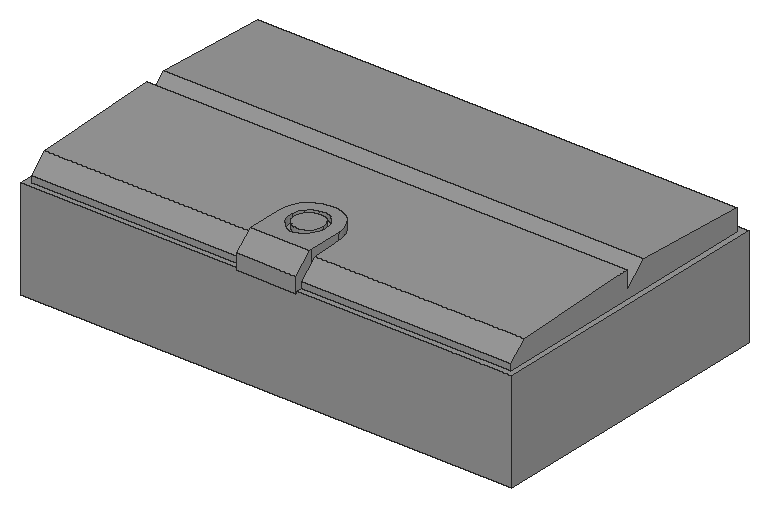
Revit family "ElectricalEquipment_Hager_Design30_TimeDelayedRCCBIncomer_12Way", category Electrical Equipment, host Face, Revit 2015
Parameters (values of type "VM712TGK")
  _DistributedBy = "www.bimstore.co.uk"
  _CurrentRevision = 0
  _CreatedBy = "MajentaSolutions"
  _BimstoreBibleVersion = "V15"  # constant formula
  _BimSpecGuid = 0
  _Author = "MajentaSolutions"
  WarrantyStartDate [instance] = ""
  WarrantyGuarantorParts = "2"
  WarrantyGuarantorLabor = ""
  WarrantyDurationUnit = "Years"
  WarrantyDurationParts = 2
  WarrantyDurationLabor = 0
  WarrantyDescription = "See Manufacturer"
  Voltage = "230V"
  URL = "http://www.hager.co.uk/"
  TypeName = Category  # "ElectricalEquipment"
  Type Comments = Model  # "VM712TGK"
  TagNumber [instance] = ""
  SustainabilityPerformance = ""
  Size = ""
  built-in parameter 1140080 [instance] = "16kA"
  Shape = "Rectangular"
  ServiceLifeDuration = 0
  SerialNumber [instance] = EAN  # "3250610840771"
  ReplacementCost = 0
  NominalWidth = 400 mm
  NominalLength = 240 mm
  NominalHeight = 102.5 mm
  NominalDepth = 0 mm
  Neutral Rating = 1  # 100.00%
  NBSReference = ClassificationValue  # "Pr_80_77_28_16"
  NBSOfficeMasterTag = "n/a"
  NBSObjectName = "Hager_RCCB_VM766TGK"
  NBSNote = ""
  NBSDescription = Category  # "ElectricalEquipment"
  ModelReference = Model  # "VM712TGK"
  ModelNumber = Model  # "VM712TGK"
  ModelLabel = ""
  Model = "VM712TGK"
  built-in parameter 1140079 [instance] = (empty or 0)
  Material = "MildSteel,ABS,AcousticComposite"
  ManufacturerName = "Hager"
  Manufacturer = "Hager"
  Mains Type = "AC"
  Keynote = "V"
  InstallationDate [instance] = ""
  IfcExportType = "ElectricalEquipment"
  IfcExportAs = "ElectricalEquipment"
  Grade = ""
  Finish = ""
  Features = Description  # "Metal_12Way_Split_Load_Config_100A_100mA_TD+_63A_RCCB_EKO"
  ExpectedLife = 10
  EAN = "3250610840771"
  DurationUnit = "Years"
  DocumentationTechnical = "http://www.hager.co.uk/product-catalogue/energy-distribution/consumer-units/design-range-of-consumer-units/design-30/51045.htm"
  DocumentationMaintenance = ""
  DocumentationLiterature = "http://www.hager.co.uk/product-catalogue/energy-distribution/consumer-units/design-range-of-consumer-units/design-30/51045.htm"
  DocumentationInstallationGuide = ""
  DocumentationCertificates = ""
  Description = "Metal_12Way_Split_Load_Config_100A_100mA_TD+_63A_RCCB_EKO"
  Default Elevation = 500 mm
  CreatedOn = "22.06.17"
  CreatedBy = "MajentaSolutions"
  Constituents = ""
  Colour = "RAL9010WhiteGloss"
  CodePerformance = ""
  ClassificationValue = "Pr_80_77_28_16"
  ClassificationName = "Uniclass2015"
  Category = "ElectricalEquipment"
  BarCode [instance] = ""
  BIMObjectName = "Hager_ElectricalEquipment_RCCB_VM766TGK"
  AssetType = "Fixed"
  AssetIdentifier [instance] = ""
  Assembly Code = "D5010"
  AccessibilityPerformance = ""
Types (4, lengths in mm): name | Type Comments | SerialNumber | NBSObjectName | ModelReference | ModelNumber | Model | Features | EAN | Description | BIMObjectName
  VM766TG | "VM766TG" | "5015652600176" | "Hager_RCCB_VM766TG" | "VM766TG" | "VM766TG" | "VM766TG" | "12Way_100A_100mA_TD+_2*63A_RCCB" | "5015652600176" | "12Way_100A_100mA_TD+_2*63A_RCCB" | "Hager_ElectricalEquipment_RCCB_VM766TG"
  VM766TGK | "VM766TGK" | "5015652600183" | "Hager_RCCB_VM766TGK" | "VM766TGK" | "VM766TGK" | "VM766TGK" | "12Way_100A_100mA_TD+_2*63A_RCCB KO" | "5015652600183" | "12Way_100A_100mA_TD+_2*63A_RCCB KO" | "Hager_ElectricalEquipment_RCCB_VM766TGK"
  VM712TG | "VM712TG" | "3250610840764" | "Hager_RCCB_VM766TGK" | "VM712TG" | "VM712TG" | "VM712TG" | "Metal_12Way_Split_Load_Config_100A_100mA_TD+_63A_RCCB" | "3250610840764" | "Metal_12Way_Split_Load_Config_100A_100mA_TD+_63A_RCCB" | "Hager_ElectricalEquipment_RCCB_VM766TGK"
  VM712TGK | "VM712TGK" | "3250610840771" | "Hager_RCCB_VM766TGK" | "VM712TGK" | "VM712TGK" | "VM712TGK" | "Metal_12Way_Split_Load_Config_100A_100mA_TD+_63A_RCCB_EKO" | "3250610840771" | "Metal_12Way_Split_Load_Config_100A_100mA_TD+_63A_RCCB_EKO" | "Hager_ElectricalEquipment_RCCB_VM766TGK"
Reference planes
  plane 1 "Center (Front/Back)": y = 0
  plane 2: z = 0
  plane 3 "Center (Left/Right)": x = 0
  plane 4: x = 200
  plane 5: x = -200
  plane 6: y = -120
  plane 7: y = 120
  plane 8: z = 102.5
  plane 9: y = 115
  plane 10: z = 104.5
  plane 11: z = 81.373
Forms (mm)
  Extrusion 1, solid, material "MildSteel,ABS,AcousticComposite", detail levels medium+fine
    sketch origin (0, 0, 0) x (1, 0, 0) y (0, 1, 0)
      loop
        line (-200, 120) -> (-200, -120) -> (200, -120) -> (200, 120) -> (-200, 120)
    from 0 to 81.373
  Extrusion 2, solid, material "MildSteel,ABS,AcousticComposite", detail levels fine
    sketch origin (-862.476, 5, 1.707) x (0, 1, 0) y (0, 0, 1)
      loop
        line (-120, 79.666) -> (110, 79.666) -> (110, 96.837) -> (14.685, 101.573) -> (-2.56, 85.947) -> (-2.56, 101.642) -> (-105.968, 96.624) -> (-120, 84.457) -> (-120, 79.666)
    from 667.476 to 1057.476
  Extrusion 3, solid
    sketch origin (0, 0, 0) x (0, 1, 0) y (1, 0, 0)
      loop
        circle (2.44, 153.46) r 5
    from 0 to 1
  Extrusion 4, solid
    sketch origin (0, 0, 0) x (0, -1, 0) y (-1, 0, 0)
      loop
        circle (-2.44, 153.46) r 5
    from 0 to 1
  Extrusion 5, solid
    sketch origin (0, 30, 0) x (0, 1, 0) y (1, 0, 0)
      loop
        circle (2.44, 153.46) r 5
    from 0 to 1
  Extrusion 6, solid
    sketch origin (0, 30, 0) x (0, -1, 0) y (-1, 0, 0)
      loop
        circle (-2.44, 153.46) r 5
    from 0 to 1
  Extrusion 7, solid
    sketch origin (0, -30, 0) x (0, 1, 0) y (1, 0, 0)
      loop
        circle (2.44, 153.46) r 5
    from 0 to 1
  Extrusion 8, solid
    sketch origin (0, -30, 0) x (0, -1, 0) y (-1, 0, 0)
      loop
        circle (-2.44, 153.46) r 5
    from 0 to 1
  Extrusion 9, solid
    sketch origin (0, -60, 0) x (0, 1, 0) y (1, 0, 0)
      loop
        circle (2.44, 153.46) r 5
    from 0 to 1
  Extrusion 10, solid
    sketch origin (0, -60, 0) x (0, -1, 0) y (-1, 0, 0)
      loop
        circle (-2.44, 153.46) r 5
    from 0 to 1
  Extrusion 11, solid
    sketch origin (0, -90.562, 0) x (0, 1, 0) y (1, 0, 0)
      loop
        circle (2.44, 153.46) r 5
    from 0 to 1
  Extrusion 12, solid
    sketch origin (0, -90.562, 0) x (0, -1, 0) y (-1, 0, 0)
      loop
        circle (-2.44, 153.46) r 5
    from 0 to 1
  Extrusion 13, solid
    sketch origin (0, 60, 0) x (0, 1, 0) y (1, 0, 0)
      loop
        circle (2.44, 153.46) r 5
    from 0 to 1
  Extrusion 14, solid
    sketch origin (0, 60, 0) x (0, -1, 0) y (-1, 0, 0)
      loop
        circle (-2.44, 153.46) r 5
    from 0 to 1
Lines and regions (mm)
  reference lines
    curve 1: line (-195, 122.601, 0) -> (-195, -115, 0)
    curve 2: line (-195, -115, 0) -> (195, -115, 0)
    curve 3: line (195, -115, 0) -> (195, 127.601, 0)
  model lines
    curve 4: line (-200, 120, 0) -> (-200, -120, 0)
    curve 5: line (200, 120, 0) -> (200, -120, 0)
    curve 6: line (200, -120, 0) -> (-200, -120, 0)
    curve 7: line (200, 120, 0) -> (-200, 120, 0)
    curve 8: line (-195, 115, 0) -> (-195, -115, 0)
    curve 9: line (-195, 115, 0) -> (195, 115, 0)
    curve 10: line (195, -115, 0) -> (195, 115, 0)
    curve 11: line (-195, -115, 0) -> (195, -115, 0)
    curve 12: line (-195, 115, 0) -> (-195, -120, 0)
    curve 13: line (-24.26, -115.847, 0) -> (-24.26, -120, 0)
    curve 14: line (-24.04, -104.273, 0) -> (-24.26, -115.847, 0)
    curve 15: line (-24.04, -76.141, 0) -> (-24.04, -104.273, 0)
    curve 16: spline (23.96, -76.141, 0) -> (23.143, -69.938, 0) -> (20.745, -64.157, 0) -> (16.931, -59.194, 0) -> (11.96, -55.385, 0) -> (6.172, -52.99, 0) -> (-0.04, -52.174, 0) -> (-6.251, -52.99, 0) -> (-12.04, -55.385, 0) -> (-17.01, -59.194, 0) -> (-20.824, -64.157, 0) -> (-23.222, -69.938, 0) -> (-24.04, -76.141, 0)
    curve 17: line (23.96, -104.273, 0) -> (23.96, -76.141, 0)
    curve 18: line (24.26, -120, 0) -> (23.96, -104.273, 0)
    curve 19: arc (-11.595, -76.582, 0) -> (0, -88.178, 0) -> (11.595, -76.582, 0) r 11.595
    curve 20: arc (11.595, -76.582, 0) -> (0, -64.987, 0) -> (-11.595, -76.582, 0) r 11.595
    curve 21: line (-195, 19.685, 0) -> (195, 19.685, 0)
    curve 22: line (195, 2.44, 0) -> (-195, 2.44, 0)
  symbolic lines, detail levels coarse+medium
    curve 23: line (-200, 0, 120) -> (-200, 0, 0)
    curve 24: line (-200, 0, 0) -> (200, 0, 0)
    curve 25: line (200, 0, 0) -> (200, 0, 120)
    curve 26: line (205, 0, 120) -> (-200, 0, 120)
  symbolic lines, detail levels coarse
    curve 27: line (200, 0, 120) -> (-200, 0, 0)
  symbolic lines, not visible, detail levels coarse+medium
    curve 28: line (-314.245, 0, 512.331) -> (-314.245, 0, 392.331)
    curve 29: line (-314.245, 0, 392.331) -> (85.755, 0, 392.331)
    curve 30: line (85.755, 0, 392.331) -> (85.755, 0, 512.331)
    curve 31: line (90.755, 0, 512.331) -> (-314.245, 0, 512.331)
  symbolic lines, not visible, detail levels coarse
    curve 32: line (85.755, 0, 512.331) -> (-314.245, 0, 392.331)
Dimensions and locks
  equal spacing: plane 5, plane 3 "Center (Left/Right)", plane 4
  "NominalWidth": plane 5 to plane 4
  equal spacing: plane 6, plane 1 "Center (Front/Back)", plane 7
  "NominalLength": plane 6 to plane 7
  "NominalHeight": plane 8 to plane 2
  curve 3 to plane 4 = 5 mm
  plane 5 to curve 1 = 5 mm
  locked: plane 6 to curve 2 at 5
  plane 6 to plane 1 "Center (Front/Back)" = 120 mm
  locked: plane 9 to plane 7 at 5
  locked: plane 10 to plane 8 at 2
  aligned and locked: plane 2 to host face
  aligned and locked: level to host face
  aligned and locked: Extrusion 1 sketch curve to plane 5
  aligned and locked: Extrusion 1 sketch curve to plane 6
  aligned and locked: Extrusion 1 sketch curve to plane 4
  aligned and locked: Extrusion 1 sketch curve to plane 7
  aligned and locked: curve 4 to plane 5
  aligned and locked: curve 5 to plane 4
  aligned and locked: curve 7 to plane 7
  aligned and locked: curve 1 to curve 8
  aligned and locked: curve 9 to plane 9
  aligned and locked: curve 10 to curve 3
  aligned and locked: plane 6 to nested 1
  aligned and locked: plane 3 "Center (Left/Right)" to nested 1
  aligned and locked: Extrusion 2 to curve 2
  aligned and locked: curve 1 to Extrusion 2
  aligned and locked: Extrusion 2 to plane 9
  aligned and locked: Extrusion 2 to curve 1
  aligned and locked: curve 13 to nested 1
  aligned and locked: curve 14 to nested 1
  aligned and locked: curve 15 to nested 1
  aligned and locked: curve 17 to nested 1
  aligned and locked: curve 18 to nested 1
  aligned and locked: curve 19 to nested 1
  aligned and locked: curve 20 to nested 1
  aligned and locked: curve 21 to Extrusion 2
  aligned and locked: curve 22 to Extrusion 2
  aligned and locked: Extrusion 2 to plane 11
  aligned and locked: plane 11 to Extrusion 1
  aligned and locked: plane 10 to nested 1
Automatic sketch dimensions
  host sketch curve to host sketch curve = 2438.4 mm  (x2)
  curve 1 to plane 7 = 2.601 mm
  curve 3 to plane 7 = 7.601 mm
  plane 6 to curve 18 = 0 mm
  curve 8 to plane 6 = 5 mm
  curve 19 to curve 17 = 0.441 mm
  Extrusion 2 sketch curve to plane 11 = 0 mm
  Extrusion 2 sketch curve to plane 9 = 0 mm
  plane 8 to Extrusion 2 sketch curve = 0.78 mm
  Extrusion 2 sketch curve to plane 1 "Center (Front/Back)" = 19.685 mm
  Extrusion 2 sketch curve to plane 1 "Center (Front/Back)" = 2.44 mm
  Extrusion 2 sketch curve to plane 8 = 4.169 mm
  Extrusion 2 sketch curve to plane 6 = 19.032 mm
  Extrusion 2 sketch curve to plane 6 = 5 mm
  Extrusion 2 sketch curve to Extrusion 2 sketch curve = 4.791 mm
  plane 11 to Extrusion 2 sketch curve = 6.281 mm
  Extrusion 2 sketch curve to plane 8 = 3.957 mm
  plane 8 to Extrusion 2 sketch curve = 0.849 mm
  Extrusion 1 to Extrusion 3 sketch curve = 46.54 mm
  Extrusion 1 to Extrusion 3 sketch curve = 117.56 mm
  Extrusion 1 to Extrusion 4 sketch curve = 46.54 mm
  Extrusion 1 to Extrusion 4 sketch curve = 117.56 mm
  Extrusion 1 to Extrusion 5 sketch curve = 87.56 mm
  Extrusion 1 to Extrusion 5 sketch curve = 46.54 mm
  Extrusion 1 to Extrusion 6 sketch curve = 87.56 mm
  Extrusion 1 to Extrusion 6 sketch curve = 46.54 mm
  Extrusion 1 to Extrusion 7 sketch curve = 92.44 mm
  Extrusion 1 to Extrusion 7 sketch curve = 46.54 mm
  Extrusion 1 to Extrusion 8 sketch curve = 92.44 mm
  Extrusion 1 to Extrusion 8 sketch curve = 46.54 mm
  Extrusion 1 to Extrusion 9 sketch curve = 62.44 mm
  Extrusion 1 to Extrusion 9 sketch curve = 46.54 mm
  Extrusion 1 to Extrusion 10 sketch curve = 62.44 mm
  Extrusion 1 to Extrusion 10 sketch curve = 46.54 mm
  Extrusion 1 to Extrusion 11 sketch curve = 31.878 mm
  Extrusion 1 to Extrusion 11 sketch curve = 46.54 mm
  Extrusion 1 to Extrusion 12 sketch curve = 31.878 mm
  Extrusion 1 to Extrusion 12 sketch curve = 46.54 mm
  Extrusion 1 to Extrusion 13 sketch curve = 57.56 mm
  Extrusion 1 to Extrusion 13 sketch curve = 46.54 mm
  Extrusion 1 to Extrusion 14 sketch curve = 57.56 mm
  Extrusion 1 to Extrusion 14 sketch curve = 46.54 mm
  curve 23 to curve 25 = 400 mm
  curve 24 to curve 25 = 120 mm
  curve 25 to curve 26 = 5 mm
  curve 28 to curve 30 = 400 mm
  curve 29 to curve 30 = 120 mm
  curve 30 to curve 31 = 5 mm
  radius of Extrusion 3 sketch curve = 5 mm
  radius of Extrusion 4 sketch curve = 5 mm
  radius of Extrusion 5 sketch curve = 5 mm
  radius of Extrusion 6 sketch curve = 5 mm
  radius of Extrusion 7 sketch curve = 5 mm
  radius of Extrusion 8 sketch curve = 5 mm
  radius of Extrusion 9 sketch curve = 5 mm
  radius of Extrusion 10 sketch curve = 5 mm
  radius of Extrusion 11 sketch curve = 5 mm
  radius of Extrusion 12 sketch curve = 5 mm
  radius of Extrusion 13 sketch curve = 5 mm
  radius of Extrusion 14 sketch curve = 5 mm
Nested families
  nested 1: "Clip" at (0, -120, -0.5), type "Clip", detail levels fine
Connectors
  electrical at (153.46, 2.44, -1)
    settings: on Extrusion 3, index 1, voltage 230 V, apparent load 0 VA, apparent load phase1 0 VA, apparent load phase2 0 VA, apparent load phase3 0 VA, power factor 1, load classification "Other", number of poles 1, system type 30, power factor state 1, is connector primary yes, connector utility no, sub classification motor no, connector description ""
  electrical at (-153.46, 2.44, -1)
    settings: on Extrusion 4, index 2, voltage 230 V, apparent load 0 VA, apparent load phase1 0 VA, apparent load phase2 0 VA, apparent load phase3 0 VA, power factor 1, load classification "Other", number of poles 1, system type 30, power factor state 1, is connector primary no, connector utility no, sub classification motor no, connector description ""
  electrical at (153.46, 32.44, -1)
    settings: on Extrusion 5, index 3, voltage 230 V, apparent load 0 VA, apparent load phase1 0 VA, apparent load phase2 0 VA, apparent load phase3 0 VA, power factor 1, load classification "Other", number of poles 1, system type 30, power factor state 1, is connector primary no, connector utility no, sub classification motor no, connector description ""
  electrical at (-153.46, 32.44, -1)
    settings: on Extrusion 6, index 4, voltage 230 V, apparent load 0 VA, apparent load phase1 0 VA, apparent load phase2 0 VA, apparent load phase3 0 VA, power factor 1, load classification "Other", number of poles 1, system type 30, power factor state 1, is connector primary no, connector utility no, sub classification motor no, connector description ""
  electrical at (153.46, -27.56, -1)
    settings: on Extrusion 7, index 5, voltage 230 V, apparent load 0 VA, apparent load phase1 0 VA, apparent load phase2 0 VA, apparent load phase3 0 VA, power factor 1, load classification "Other", number of poles 1, system type 30, power factor state 1, is connector primary no, connector utility no, sub classification motor no, connector description ""
  electrical at (-153.46, -27.56, -1)
    settings: on Extrusion 8, index 6, voltage 230 V, apparent load 0 VA, apparent load phase1 0 VA, apparent load phase2 0 VA, apparent load phase3 0 VA, power factor 1, load classification "Other", number of poles 1, system type 30, power factor state 1, is connector primary no, connector utility no, sub classification motor no, connector description ""
  electrical at (153.46, -57.56, -1)
    settings: on Extrusion 9, index 7, voltage 230 V, apparent load 0 VA, apparent load phase1 0 VA, apparent load phase2 0 VA, apparent load phase3 0 VA, power factor 1, load classification "Other", number of poles 1, system type 30, power factor state 1, is connector primary no, connector utility no, sub classification motor no, connector description ""
  electrical at (-153.46, -57.56, -1)
    settings: on Extrusion 10, index 8, voltage 230 V, apparent load 0 VA, apparent load phase1 0 VA, apparent load phase2 0 VA, apparent load phase3 0 VA, power factor 1, load classification "Other", number of poles 1, system type 30, power factor state 1, is connector primary no, connector utility no, sub classification motor no, connector description ""
  electrical at (153.46, -88.122, -1)
    settings: on Extrusion 11, index 9, voltage 230 V, apparent load 0 VA, apparent load phase1 0 VA, apparent load phase2 0 VA, apparent load phase3 0 VA, power factor 1, load classification "Other", number of poles 1, system type 30, power factor state 1, is connector primary no, connector utility no, sub classification motor no, connector description ""
  electrical at (-153.46, -88.122, -1)
    settings: on Extrusion 12, index 10, voltage 230 V, apparent load 0 VA, apparent load phase1 0 VA, apparent load phase2 0 VA, apparent load phase3 0 VA, power factor 1, load classification "Other", number of poles 1, system type 30, power factor state 1, is connector primary no, connector utility no, sub classification motor no, connector description ""
  electrical at (153.46, 62.44, -1)
    settings: on Extrusion 13, index 11, voltage 230 V, apparent load 0 VA, apparent load phase1 0 VA, apparent load phase2 0 VA, apparent load phase3 0 VA, power factor 1, load classification "Other", number of poles 1, system type 30, power factor state 1, is connector primary no, connector utility no, sub classification motor no, connector description ""
  electrical at (-153.46, 62.44, -1)
    settings: on Extrusion 14, index 12, voltage 230 V, apparent load 0 VA, apparent load phase1 0 VA, apparent load phase2 0 VA, apparent load phase3 0 VA, power factor 1, load classification "Other", number of poles 1, system type 30, power factor state 1, is connector primary no, connector utility no, sub classification motor no, connector description ""
Definition of nested family "Clip"
  Reference planes
    plane 1 "Center (Front/Back)": y = 0
    plane 2: z = 0
    plane 3 "Center (Left/Right)": x = 0
  Forms (mm)
    Extrusion 1, solid
      sketch origin (-424.098, 111.469, 0) x (1, 0, 0) y (0, 1, 0)
        loop
          line (448.059, -95.742) -> (448.059, -67.61)
          spline (448.059, -67.61) -> (447.241, -61.406) -> (444.843, -55.626) -> (441.029, -50.662) -> (436.059, -46.853) -> (430.271, -44.459) -> (424.059, -43.642) -> (417.847, -44.459) -> (412.059, -46.853) -> (407.088, -50.662) -> (403.274, -55.626) -> (400.877, -61.406) -> (400.059, -67.61)
          line (400.059, -67.61) -> (400.059, -95.742) -> (399.838, -107.316) -> (399.838, -111.469) -> (448.359, -111.469) -> (448.059, -95.742)
        loop
          spline (438.643, -67.656) -> (438.146, -63.885) -> (436.689, -60.371) -> (434.372, -57.353) -> (431.352, -55.037) -> (427.834, -53.582) -> (424.06, -53.085) -> (420.286, -53.582) -> (416.769, -55.037) -> (413.749, -57.353) -> (411.431, -60.371) -> (409.974, -63.885) -> (409.477, -67.656)
          arc (409.477, -67.656) -> (412.64, -78.484) -> (421.538, -85.418) r 18.356
          arc (421.538, -85.418) -> (424.06, -85.863) -> (426.582, -85.418) r 7.362
          arc (426.582, -85.418) -> (435.48, -78.484) -> (438.643, -67.656) r 18.356
        loop
          circle (424.098, -68.051) r 11.595
      from 80 to 105
    Extrusion 2, void
      sketch origin (0, 0, 0) x (0, 1, 0) y (0, 0, 1)
        loop
          line (0, 105) -> (0, 92.5) -> (14, 105) -> (0, 105)
      from -27.556 to 26.925
  Cuts and joins
    Extrusion 2 cuts Extrusion 1
  Dimensions and locks
    aligned and locked: level to plane 2
    aligned and locked: Extrusion 2 sketch curve to Extrusion 1
    aligned and locked: Extrusion 1 to Extrusion 2 sketch curve
